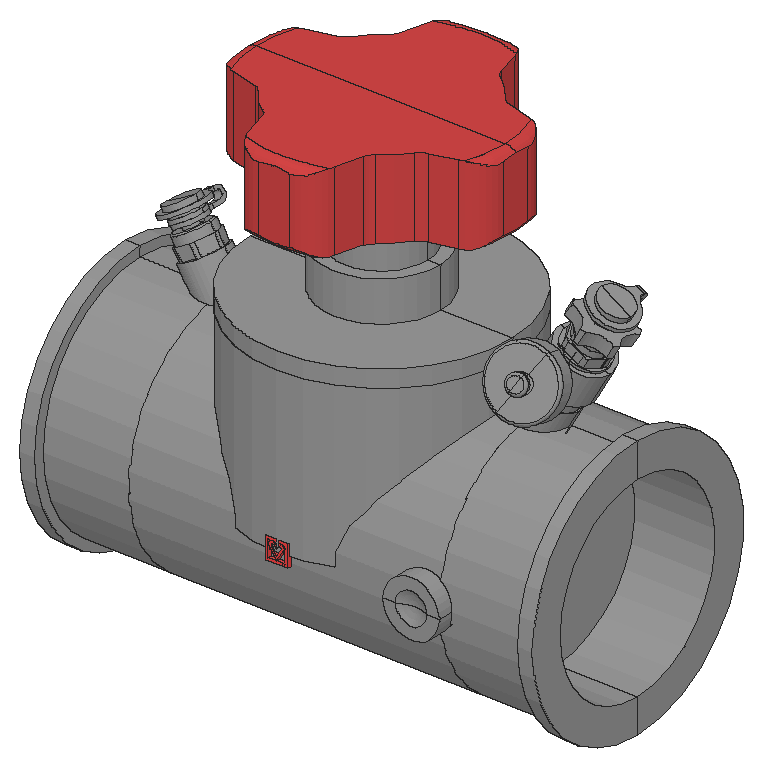
Revit family "HERZ Strömax Commissioning Valve With Test Points, Straight Body 4217 GML", category Rohrzubehör, Revit 2019
Family settings
  Bemaßung runder Anschluss = Durchmesser verwenden
  Teiletyp = Unterbricht
  OmniClass-Nummer = 23.65.55.14
  OmniClass-Titel = Valves for Liquid Services
  Arbeitsebenenbasiert = Nein
  Immer vertikal = Ja
  Beim Laden mit Abzugskörper schneiden = Nein
  Gemeinsam genutzt = Nein
Parameters
  kvs-value [instance] = if(Nennweite = 15.00 mm, 6.05, if(Nennweite = 20.00 mm, 6.11, if(Nennweite = 25.00 mm, 9.22, if(Nennweite = 32.00 mm, 18.83, if(Nennweite = 40.00 mm, 23.29, if(Nennweite = 50.00 mm, 35.26, if(Nennweite = 65.00 mm, 52.11, if(Nennweite = 80.00 mm, 76.1, 0))))))))  # 76.1
  W02 = 60.00°  # constant formula
  W01 = 30.00°  # constant formula
  URL = "www.herzvalves.com"
  SC_NennweiteBerechnet = 0
  SC_Dimension = ""
  SCRNSEQ = "ARM;ARM_TYP=\"STRV\";2"
  SCRNCODE = "05;07;02"  # constant formula
  S02 = 60.00 mm  # constant formula
  S01 [instance] = H00 + H01  # 119.31 mm
  R01 [instance] = size_lookup("4217_GML_", "R1", 1.00 mm, Nennweite)  # 53.00 mm
  Part number [instance] = size_lookup("4217_GML_", "Artnr", 0, Nennweite)  # 1421718
  Nennweite [instance] = 80.00 mm
  Model = "STRÖMAX-GML commissioning valve with test points and capillary connection 1/2′′ – 3′′:\r\nScrew down model, brass version, socket x socket, non-rising spindle, spindle seal by means of double-O-ring, presetting by limitation of valve lift by means of internal spindle;\r\ndigital display of presetting step at the hand wheel window.\r\nOne standard test point and one test point fitted with a capillary connection are located adjacent to the hand wheel."
  Medium = "Water purity in accordance with the OeNORM H5195 and VDI 2035 standards.\r\nEthylene and propylene glycol can be mixed to a ratio of 25 - 50 vol. [%]."
  Max. operating pressure = 1600000.0 Pa  # constant formula
  Max. operating temperature (up to DN32) = 130 °C  # constant formula
  Max. operating temperature (from DN40) = 110 °C  # constant formula
  ML02 [instance] = size_lookup("4217_GML_", "ML2", 1.00 mm, Nennweite)  # 70.50 mm
  ML01 [instance] = size_lookup("4217_GML_", "ML1", 1.00 mm, Nennweite)  # 37.35 mm
  MD01 = 9.50 mm  # constant formula
  L02 [instance] = size_lookup("4217_GML_", "L2", 1.00 mm, Nennweite)  # 6.00 mm
  L01 [instance] = size_lookup("4217_GML_", "L1", 1.00 mm, Nennweite)  # 41.30 mm
  L00 [instance] = size_lookup("4217_GML_", "L", 1.00 mm, Nennweite)  # 210.00 mm
  IG [instance] = Nennweite / 2  # 40.00 mm
  Hersteller = "HERZ Armaturen Ges.m.b.H."  # constant formula
  H04 [instance] = size_lookup("4217_GML_", "H4", 1.00 mm, Nennweite)  # 19.00 mm
  H03 = 10.00 mm  # constant formula
  H02 [instance] = size_lookup("4217_GML_", "H2", 1.00 mm, Nennweite)  # 7.00 mm
  H01 [instance] = size_lookup("4217_GML_", "H1", 1.00 mm, Nennweite)  # 52.60 mm
  H00 [instance] = size_lookup("4217_GML_", "H", 1.00 mm, Nennweite)  # 66.71 mm
  Weight [instance] = if(Nennweite = 15.00 mm, "0.97 kg", if(Nennweite = 20.00 mm, "1.00 kg", if(Nennweite = 25.00 mm, "1.45 kg", if(Nennweite = 32.00 mm, "1.98 kg", if(Nennweite = 40.00 mm, "2.34 kg", if(Nennweite = 50.00 mm, "3.85 kg", if(Nennweite = 65.00 mm, "5.35 kg", if(Nennweite = 80.00 mm, "7.20 kg", "0 kg"))))))))  # "7.20 kg"
  GT [instance] = size_lookup("4217_GML_", "GT", 1.00 mm, Nennweite)  # 33.30 mm
  Field of application = "For hydraulic balancing in heating and cooling systems, adjustment of distribution mains, circuits, heat exchangers, heating and cooling registers, etc."
  Installation position = "The non-rising valve spindle arranged perpendicular to the valve axis guarantees optimum accessibility and optimum valve operation in any installation position."
  Differential pressure measurement = "STRÖMAX-GML commissioning valve is equipped with two test points.\r\nThe differential pressure can be measured using a suitable measuring instrument, which permits calculation of the flow rate as a function of the respective presetting step.\r\nThe HERZ-Measuring computer (1 8900 05) permits direct flow rate reading (consult the equipment manual)."
  DN80 [instance] = Nennweite = 80.00 mm  # yes
  DN65 [instance] = Nennweite = 65.00 mm  # no
  DN50_DN80 [instance] = or(Nennweite = 50.00 mm, Nennweite = 65.00 mm, Nennweite = 80.00 mm)  # yes
  DN50-DN80 [instance] = H00 + H01  # 119.31 mm
  DN50 [instance] = Nennweite = 50.00 mm  # no
  DN40 [instance] = Nennweite = 40.00 mm  # no
  DN32 [instance] = Nennweite = 32.00 mm  # no
  DN25 [instance] = Nennweite = 25.00 mm  # no
  DN20 [instance] = Nennweite = 20.00 mm  # no
  DN15_DN40 [instance] = or(Nennweite = 15.00 mm, Nennweite = 20.00 mm, Nennweite = 25.00 mm, Nennweite = 32.00 mm, Nennweite = 40.00 mm)  # no
  DN15-DN40 [instance] = H00 + H01  # 119.31 mm
  DN15 [instance] = Nennweite = 15.00 mm  # no
  D06 [instance] = size_lookup("4217_GML_", "D6", 1.00 mm, Nennweite)  # 24.30 mm
  D05 [instance] = size_lookup("4217_GML_", "D5", 1.00 mm, Nennweite)  # 19.00 mm
  D04 = 9.00 mm  # constant formula
  D03 [instance] = size_lookup("4217_GML_", "D3", 1.00 mm, Nennweite)  # 53.80 mm
  D02 [instance] = size_lookup("4217_GML_", "D2", 1.00 mm, Nennweite)  # 54.00 mm
  D01 [instance] = size_lookup("4217_GML_", "D1", 1.00 mm, Nennweite)  # 50.00 mm
  Body = "DZR brass"  # constant formula
Reference planes
  plane 1 "Mitte (Vorne/hinten)": y = 0
  plane 2: z = 0
  plane 3 "Mitte (Links/rechts)": x = 0
Forms (mm)
  Revolve 1, solid, material "Messing, weicher Gelbton, geschweißt", detail levels fine
    sketch origin (0, 0, 0) x (1, 0, 0) y (0, 0, 1)
      loop
        line (-105, 54) -> (-105, 40) -> (-71.7, 40) -> (-71.7, 0) -> (71.7, 0) -> (71.7, 40) -> (105, 40) -> (105, 54) -> (99, 54) -> (99, 50) -> (63.7, 50)
        arc (63.7, 50) -> (0, 53) -> (-63.7, 50) r 677.782
        line (-63.7, 50) -> (-99, 50) -> (-99, 54) -> (-105, 54)
      axis (-105, 0) -> (105, 0)
    angle from 0 to 360
  Revolve 2, solid, material "Messing, weicher Gelbton, geschweißt", detail levels fine
    sketch origin (0, 0, 0) x (1, 0, 0) y (0, 0, 1)
      loop
        line (37.35, 0) -> (72.6, 61.055) -> (64.373, 65.805) -> (29.123, 4.75) -> (37.35, 0)
      axis (37.35, 0) -> (72.6, 61.055)
    angle from 0 to 360
  Revolve 3, solid, material "Messing, weicher Gelbton, geschweißt", detail levels fine
    sketch origin (0, 0, 0) x (1, 0, 0) y (0, 0, 1)
      loop
        line (0, 0) -> (0, 66.71) -> (-53.8, 66.71) -> (-53.8, 0) -> (0, 0)
      axis (0, 66.71) -> (0, 0)
    angle from 0 to 360
  Revolve 4, solid, material "Messing, weicher Gelbton, geschweißt", detail levels fine
    sketch origin (0, 0, 0) x (-1, 0, 0) y (0, 0, 1)
      loop
        line (37.35, 0) -> (72.6, 61.055) -> (64.373, 65.805) -> (29.123, 4.75) -> (37.35, 0)
      axis (37.35, 0) -> (72.6, 61.055)
    angle from 0 to 360
  Revolve 5, solid, material "Messing, weicher Gelbton, geschweißt", visible <- "DN65", detail levels fine
    sketch origin (0, 0, 0) x (1, 0, 0) y (0, 1, 0)
      loop
        line (60, 47.945) -> (60, -47.945)
        arc (60, -47.945) -> (63.368, -48.598) -> (66.5, -50) r 15
        line (66.5, -50) -> (71.5, -50) -> (71.5, 50) -> (66.5, 50)
        arc (66.5, 50) -> (63.368, 48.598) -> (60, 47.945) r 15
      axis (60, 50) -> (60, -50)
    angle from 0 to 360
  Revolve 6, solid, material "Messing, weicher Gelbton, geschweißt", detail levels fine
    sketch origin (0, 0, 0) x (1, 0, 0) y (0, 0, 1)
      loop
        line (0, 66.71) -> (0, 119.31) -> (-9, 119.31) -> (-9, 109.31) -> (-19, 109.31) -> (-19, 90.31) -> (-24.3, 90.31) -> (-24.3, 73.71) -> (-53.8, 73.71) -> (-53.8, 66.71) -> (0, 66.71)
      axis (0, 119.31) -> (0, 66.71)
    angle from 0 to 360
  Revolve 7, solid, material "Messing, weicher Gelbton, geschweißt", visible <- "DN80", detail levels fine
    sketch origin (0, 0, 0) x (1, 0, 0) y (0, 1, 0)
      loop
        line (57, 53.945) -> (57, -53.945)
        arc (57, -53.945) -> (60.368, -54.598) -> (63.5, -56) r 15
        line (63.5, -56) -> (68.5, -56) -> (68.5, 56) -> (63.5, 56)
        arc (63.5, 56) -> (60.368, 54.598) -> (57, 53.945) r 15
      axis (57, 56) -> (57, -56)
    angle from 0 to 360
Lines and regions (mm)
  model lines, detail levels coarse+medium
    curve 1: line (-105, 0, 54) -> (-105, 0, -54)
    curve 2: line (-105, 0, -54) -> (105, 0, 54)
    curve 3: line (105, 0, 54) -> (105, 0, -54)
    curve 4: line (105, 0, -54) -> (-105, 0, 54)
    curve 5: line (0, 0, 0) -> (68.884, 0, 119.31)
    curve 6: line (42.903, 0, 134.31) -> (94.864, 0, 104.31)
    curve 7: line (-105, 54, 0) -> (-105, -54, 0)
    curve 8: line (-105, -54, 0) -> (105, 54, 0)
    curve 9: line (105, 54, 0) -> (105, -54, 0)
    curve 10: line (105, -54, 0) -> (-105, 54, 0)
    curve 11: line (0, 0, 0) -> (68.884, 119.31, 0)
    curve 12: line (42.903, 134.31, 0) -> (94.864, 104.31, 0)
Dimensions and locks
  "IG": Revolve 1 sketch curve to plane 2
  "GT": Revolve 1 sketch curve to Revolve 1 sketch curve  (x2)
  "IG": Revolve 1 sketch curve to Revolve 1 sketch curve
  "D01": Revolve 1 sketch curve to Revolve 1 sketch curve  (x2)
  "R01": Revolve 1 sketch curve to Revolve 1 sketch curve
  "L02": Revolve 1 sketch curve to Revolve 1 sketch curve  (x2)
  "L01": Revolve 1 sketch curve to Revolve 1 sketch curve  (x2)
  "D02": Revolve 1 sketch curve to plane 2  (x2)
  equal spacing: Revolve 1 sketch curve, plane 3 "Mitte (Links/rechts)", Revolve 1 sketch curve
  "L00": Revolve 1 sketch curve to Revolve 1 sketch curve
  "R01": nested 1 to plane 1 "Mitte (Vorne/hinten)"
  "ML01": Revolve 2 sketch curve to plane 3 "Mitte (Links/rechts)"
  "H00": Revolve 3 sketch curve to plane 2
  "D03": Revolve 3 sketch curve to Revolve 3 sketch curve
  "ML02": Revolve 2 sketch curve to Revolve 2 sketch curve
  "MD01": Revolve 2 sketch curve to Revolve 2 sketch curve  (x2)
  "ML02": Revolve 4 sketch curve to Revolve 4 sketch curve
  "MD01": Revolve 4 sketch curve to Revolve 4 sketch curve  (x2)
  "ML01": plane 3 "Mitte (Links/rechts)" to Revolve 4 sketch curve
  Revolve 5 sketch curve to Revolve 1 = 45.00 mm
  Revolve 5 sketch curve to Revolve 5 sketch curve = 11.50 mm  (x2)
  Revolve 5 sketch curve to plane 1 "Mitte (Vorne/hinten)" to Revolve 5 sketch curve = 50.00 mm, 50.00 mm
  "H00": Revolve 6 sketch curve to plane 2
  "H01": Revolve 6 sketch curve to Revolve 6 sketch curve
  "D04": Revolve 6 sketch curve to Revolve 6 sketch curve
  "D03": Revolve 6 sketch curve to Revolve 6 sketch curve
  "D05": Revolve 6 sketch curve to Revolve 6 sketch curve
  "D06": Revolve 6 sketch curve to Revolve 6 sketch curve
  "H02": Revolve 6 sketch curve to Revolve 6 sketch curve
  "H03": Revolve 6 sketch curve to Revolve 6 sketch curve
  "H04": Revolve 6 sketch curve to Revolve 6 sketch curve
  Revolve 7 sketch curve to Revolve 1 = 48.00 mm
  Revolve 7 sketch curve to Revolve 7 sketch curve = 11.50 mm  (x2)
  Revolve 7 sketch curve to plane 1 "Mitte (Vorne/hinten)" to Revolve 7 sketch curve = 56.00 mm, 56.00 mm
  "DN15-DN40": nested 2 to plane 2
  "DN50-DN80": nested 3 to plane 2
  "D02": curve 4 to plane 2 to curve 2
  "D02": curve 3 to plane 2 to curve 4
  equal spacing: curve 1, plane 3 "Mitte (Links/rechts)", curve 3
  "L00": curve 1 to curve 3
  equal spacing: Revolve 1, curve 5, Revolve 1
  "S01": curve 5 to plane 2
  equal spacing: curve 6, curve 5, curve 6
  "S02": curve 6 to curve 6
  "D02": curve 8 to plane 1 "Mitte (Vorne/hinten)" to curve 10
  "D02": curve 10 to plane 1 "Mitte (Vorne/hinten)" to curve 9
  equal spacing: curve 7, plane 3 "Mitte (Links/rechts)", curve 9
  "L00": curve 7 to curve 9
  equal spacing: curve 7, curve 11, curve 9
  "S01": plane 1 "Mitte (Vorne/hinten)" to curve 11
  equal spacing: curve 12, curve 11, curve 12
  "S02": curve 12 to curve 12
  radius of Revolve 5 sketch curve = 15.00 mm  (x2)
  radius of Revolve 7 sketch curve = 15.00 mm  (x2)
  "W01": angle Revolve 2 sketch curve to plane 3 "Mitte (Links/rechts)"  (x2)
  "W01": angle plane 3 "Mitte (Links/rechts)" to Revolve 4 sketch curve  (x2)
  "W02": angle plane 2 to curve 5
  "W02": angle plane 1 "Mitte (Vorne/hinten)" to curve 11
  aligned and locked: level to plane 2
Automatic sketch dimensions
  Revolve 5 sketch curve to Revolve 5 sketch curve = 1.153 mm  (x2)
  Revolve 5 sketch curve to Revolve 5 sketch curve = 5.00 mm  (x2)
  Revolve 5 sketch curve to Revolve 5 sketch curve = 2.854 mm  (x2)
  Revolve 7 sketch curve to Revolve 7 sketch curve = 1.153 mm  (x2)
  Revolve 7 sketch curve to Revolve 7 sketch curve = 5.00 mm  (x2)
  Revolve 7 sketch curve to Revolve 7 sketch curve = 8.854 mm  (x2)
  Revolve 1 sketch curve to level = 0.00 mm  (x2)
  Revolve 1 sketch curve to Revolve 1 sketch curve = 1429.986 mm
  Revolve 1 sketch curve to Revolve 1 sketch curve = 1762.604 mm
  Revolve 2 sketch curve to level = 0.00 mm  (x2)
  Revolve 3 sketch curve to level = 0.00 mm
  Revolve 3 sketch curve to plane 3 "Mitte (Links/rechts)" = 0.00 mm  (x2)
  Revolve 3 sketch curve to Revolve 3 sketch curve = 366.045 mm
  Revolve 3 sketch curve to Revolve 3 sketch curve = 2179.415 mm
  Revolve 4 sketch curve to level = 0.00 mm  (x2)
  Revolve 6 sketch curve to plane 3 "Mitte (Links/rechts)" = 0.00 mm  (x2)
  Revolve 6 sketch curve to level = 366.045 mm
  Revolve 6 sketch curve to Revolve 6 sketch curve = 2146.115 mm
Nested families
  nested 1: "Herz-Logo-vorne" at (0, -53, 0) x (0, 1, 0) z (0, 0, 1), type "Herz-Logo-vorne", detail levels fine
  nested 2: "Strangregulierventil-Handrad-Gerade (Rot) DN15-DN40" at (0, 0, 119.31), visible <- "DN15_DN40", type "Strangregulierventil-Handrad-Gerade (Rot) DN15-DN40", detail levels fine
    with Nennweite 0.00 mm, Gewicht 0.00 kg, Bestellnummer 0
  nested 3: "Strangregulierventil-Handrad-Gerade (Rot) DN50-DN80" at (0, 0, 119.31), visible <- "DN50_DN80", type "Strangregulierventil-Handrad-Gerade (Rot) DN50-DN80", detail levels fine
    with Nennweite 0.00 mm, Gewicht 0.00 kg, Bestellnummer 0
  nested 4: "Messstutzen_Band-KFE_Austritt_30Grad_(oben)" at (61.39, 0, 59.409), visible <- "DN50", type "Messstutzen_Band-KFE_Austritt_30Grad_(oben)", detail levels fine
    with Schutzkappe yes, Nennweite 0.00 mm, Gewicht 0.00 kg, Bestellnummer 0
  nested 5: "Messstutzen_Band_Eintritt_30Grad_(oben)" at (-47.24, 0, 34.901) x (-1, 0, 0) z (0, 0, 1), visible <- "DN50", type "Messstutzen_Band_Eintritt_30Grad_(oben)", detail levels fine
    with Schutzkappe yes, Nennweite 0.00 mm, Gewicht 0.00 kg, Bestellnummer 0
  nested 6: "Messstutzen_Band-KFE_Austritt_30Grad_(oben)" at (41.17, 0, 35.507), visible <- "DN15", type "Messstutzen_Band-KFE_Austritt_30Grad_(oben)", detail levels fine
    with Schutzkappe yes, Nennweite 0.00 mm, Gewicht 0.00 kg, Bestellnummer 0
  nested 7: "Messstutzen_Band_Eintritt_30Grad_(oben)" at (-27.02, 0, 10.999) x (-1, 0, 0) z (0, 0, 1), visible <- "DN15", type "Messstutzen_Band_Eintritt_30Grad_(oben)", detail levels fine
    with Schutzkappe yes, Nennweite 0.00 mm, Gewicht 0.00 kg, Bestellnummer 0
  nested 8: "Messstutzen_Band_Eintritt_30Grad_(oben)" at (-24.855, 0, 13.553) x (-1, 0, 0) z (0, 0, 1), visible <- "DN20", type "Messstutzen_Band_Eintritt_30Grad_(oben)", detail levels fine
    with Schutzkappe yes, Nennweite 0.00 mm, Gewicht 0.00 kg, Bestellnummer 0
  nested 9: "Messstutzen_Band-KFE_Austritt_30Grad_(oben)" at (39.005, 0, 38.062), visible <- "DN20", type "Messstutzen_Band-KFE_Austritt_30Grad_(oben)", detail levels fine
    with Schutzkappe yes, Nennweite 0.00 mm, Gewicht 0.00 kg, Bestellnummer 0
  nested 10: "Messstutzen_Band_Eintritt_30Grad_(oben)" at (-29.265, 0, 17.883) x (-1, 0, 0) z (0, 0, 1), visible <- "DN25", type "Messstutzen_Band_Eintritt_30Grad_(oben)", detail levels fine
    with Schutzkappe yes, Nennweite 0.00 mm, Gewicht 0.00 kg, Bestellnummer 0
  nested 11: "Messstutzen_Band-KFE_Austritt_30Grad_(oben)" at (43.415, 0, 42.392), visible <- "DN25", type "Messstutzen_Band-KFE_Austritt_30Grad_(oben)", detail levels fine
    with Schutzkappe yes, Nennweite 0.00 mm, Gewicht 0.00 kg, Bestellnummer 0
  nested 12: "Messstutzen_Band_Eintritt_30Grad_(oben)" at (-37.74, 0, 24.595) x (-1, 0, 0) z (0, 0, 1), visible <- "DN32", type "Messstutzen_Band_Eintritt_30Grad_(oben)", detail levels fine
    with Schutzkappe yes, Nennweite 0.00 mm, Gewicht 0.00 kg, Bestellnummer 0
  nested 13: "Messstutzen_Band-KFE_Austritt_30Grad_(oben)" at (51.89, 0, 49.104), visible <- "DN32", type "Messstutzen_Band-KFE_Austritt_30Grad_(oben)", detail levels fine
    with Schutzkappe yes, Nennweite 0.00 mm, Gewicht 0.00 kg, Bestellnummer 0
  nested 14: "Messstutzen_Band_Eintritt_30Grad_(oben)" at (-42.8, 0, 28.665) x (-1, 0, 0) z (0, 0, 1), visible <- "DN40", type "Messstutzen_Band_Eintritt_30Grad_(oben)", detail levels fine
    with Schutzkappe yes, Nennweite 0.00 mm, Gewicht 0.00 kg, Bestellnummer 0
  nested 15: "Messstutzen_Band-KFE_Austritt_30Grad_(oben)" at (56.95, 0, 53.174), visible <- "DN40", type "Messstutzen_Band-KFE_Austritt_30Grad_(oben)", detail levels fine
    with Schutzkappe yes, Nennweite 0.00 mm, Gewicht 0.00 kg, Bestellnummer 0
  nested 16: "Messstutzen_Band_Eintritt_30Grad_(oben)" at (-54.5, 0, 38.105) x (-1, 0, 0) z (0, 0, 1), visible <- "DN65", type "Messstutzen_Band_Eintritt_30Grad_(oben)", detail levels fine
    with Schutzkappe yes, Nennweite 0.00 mm, Gewicht 0.00 kg, Bestellnummer 0
  nested 17: "Messstutzen_Band-KFE_Austritt_30Grad_(oben)" at (68.65, 0, 62.614), visible <- "DN65", type "Messstutzen_Band-KFE_Austritt_30Grad_(oben)", detail levels fine
    with Schutzkappe yes, Nennweite 0.00 mm, Gewicht 0.00 kg, Bestellnummer 0
  nested 18: "Messstutzen_Band_Eintritt_30Grad_(oben)" at (-63.85, 0, 45.899) x (-1, 0, 0) z (0, 0, 1), visible <- "DN80", type "Messstutzen_Band_Eintritt_30Grad_(oben)", detail levels fine
    with Schutzkappe yes, Nennweite 0.00 mm, Gewicht 0.00 kg, Bestellnummer 0
  nested 19: "Messstutzen_Band-KFE_Austritt_30Grad_(oben)" at (78, 0, 70.408), visible <- "DN80", type "Messstutzen_Band-KFE_Austritt_30Grad_(oben)", detail levels fine
    with Schutzkappe yes, Nennweite 0.00 mm, Gewicht 0.00 kg, Bestellnummer 0
Connectors
  piping at (-71.7, 0, 0), diameter 80, driven by "Nennweite"
    settings: on Revolve 1, index 1, connector inside diameter 609.6 mm, connector length 0.00 mm, flow factor 0, pipe flow 0.0 L/s, pressure drop 0.0 Pa, fitting loss kfactor 0, connector angle 0.00°, fixture units 0, engagement length 0.00 mm, angle of deflection 0.00°, flow configuration 0, flow direction 1, fitting loss method 0, system type 29, joint type 0, gender type 0, connector reference index -1, connector utility 0, adjustable connector no, is connector primary yes, connector description ""
  piping at (71.7, 0, 0), diameter 80, driven by "Nennweite"
    settings: on Revolve 1, index 2, connector inside diameter 609.6 mm, connector length 0.00 mm, flow factor 0, pipe flow 0.0 L/s, pressure drop 0.0 Pa, fitting loss kfactor 0, connector angle 0.00°, fixture units 0, engagement length 0.00 mm, angle of deflection 0.00°, flow configuration 0, flow direction 2, fitting loss method 0, system type 29, joint type 0, gender type 0, connector reference index -1, connector utility 0, adjustable connector no, is connector primary no, connector description ""
Definition of nested family "Herz-Logo-vorne"
  Reference planes
    plane 1 "Mitte (Vorne/hinten)": y = 0
    plane 2: z = 0
    plane 3 "Mitte (Links/rechts)": x = 0
  Forms (mm)
    Extrusion 1, solid
      sketch origin (0.732, -0.018, 0.017) x (0, -1, 0) y (0, 0, 1)
        loop
          line (-0.018, -4.517) -> (4.482, -4.517) -> (4.482, 4.483) -> (-4.518, 4.483) -> (-4.518, -4.517) -> (-0.018, -4.517)
        loop
          line (-0.05, -3.48) -> (3.482, -3.48) -> (3.482, 3.483) -> (-3.518, 3.483) -> (-3.518, -3.48) -> (-0.05, -3.48)
        loop
          arc (-0.018, 2.383) -> (-1.543, 3.287) -> (-3.067, 2.383) r 1.738
          arc (-3.067, 2.383) -> (-3.191, 1.899) -> (-3.067, 1.415) r 1.009
          line (-3.067, 1.415) -> (-0.018, -3.281) -> (3.032, 1.415)
          arc (3.032, 1.415) -> (3.156, 1.899) -> (3.032, 2.383) r 1.009
          arc (3.032, 2.383) -> (1.507, 3.287) -> (-0.018, 2.383) r 1.738
        loop
          arc (1.885, 1.272) -> (2.005, 1.675) -> (1.885, 2.079) r 0.74
          arc (1.885, 2.079) -> (1.265, 2.416) -> (0.644, 2.079) r 0.74
          line (0.644, 2.079) -> (-0.018, 0.97) -> (-0.679, 2.079)
          arc (-0.679, 2.079) -> (-1.3, 2.416) -> (-1.921, 2.079) r 0.74
          arc (-1.921, 2.079) -> (-2.04, 1.675) -> (-1.921, 1.272) r 0.74
          line (-1.921, 1.272) -> (-0.018, -1.658) -> (1.885, 1.272)
      from 0 to 1.5
  Dimensions and locks
    aligned and locked: level to plane 2
Definition of nested family "Strangregulierventil-Handrad-Gerade (Rot) DN15-DN40"
  Parameters (values of type "Strangregulierventil-Handrad-Gerade (Rot) DN15-DN40")
    URL = "www.herz-armaturen.at"
    Nennweite [instance] = 0.00 mm
    Manufacturer = "Herz Armaturen GmbH"  # constant formula
    Gewicht [instance] = 0.00 kg
    Bestellnummer [instance] = 0
  Reference planes
    plane 1 "Mitte (Vorne/hinten)": y = 0
    plane 2: z = 0
    plane 3 "Mitte (Links/rechts)": x = 0
  Forms (mm)
    Revolve 1, solid, detail levels fine
      sketch origin (0, 0, 0) x (1, 0, 0) y (0, 0, 1)
        loop
          line (0, 0) -> (0, 24.95) -> (-30.992, 24.95)
          arc (-30.992, 24.95) -> (-34.37, 23.636) -> (-35.973, 20.386) r 5
          line (-35.973, 20.386) -> (-37, 8.65) -> (-35.986, -2.936)
          arc (-35.986, -2.936) -> (-34.383, -6.186) -> (-31.005, -7.5) r 5
          line (-31.005, -7.5) -> (-15, -7.5) -> (-15, 0) -> (0, 0)
        axis (0, 24.95) -> (0, -7.5)
      angle from 0 to 360
    Extrusion 2, void
      sketch origin (0, 0, 20.3) x (1, 0, 0) y (0, 1, 0)
        loop
          line (3.861, 35.5) -> (-3.861, 35.5)
          arc (-3.861, 35.5) -> (-8.731, 33.847) -> (-11.589, 29.571) r 8
          line (-11.589, 29.571) -> (-13.284, 23.245)
          arc (-13.284, 23.245) -> (-13.982, 21.722) -> (-15.144, 20.516) r 5
          arc (-15.144, 20.516) -> (-18.031, 18.031) -> (-20.516, 15.144) r 25.5
          arc (-20.516, 15.144) -> (-21.722, 13.982) -> (-23.245, 13.284) r 5
          line (-23.245, 13.284) -> (-29.571, 11.589)
          arc (-29.571, 11.589) -> (-33.847, 8.731) -> (-35.5, 3.861) r 8
          line (-35.5, 3.861) -> (-35.5, -3.861)
          arc (-35.5, -3.861) -> (-33.847, -8.731) -> (-29.571, -11.589) r 8
          line (-29.571, -11.589) -> (-23.245, -13.284)
          arc (-23.245, -13.284) -> (-21.722, -13.982) -> (-20.516, -15.144) r 5
          arc (-20.516, -15.144) -> (-18.031, -18.031) -> (-15.144, -20.516) r 25.5
          arc (-15.144, -20.516) -> (-13.982, -21.722) -> (-13.284, -23.245) r 5
          line (-13.284, -23.245) -> (-11.589, -29.571)
          arc (-11.589, -29.571) -> (-8.731, -33.847) -> (-3.861, -35.5) r 8
          line (-3.861, -35.5) -> (3.861, -35.5)
          arc (3.861, -35.5) -> (8.731, -33.847) -> (11.589, -29.571) r 8
          line (11.589, -29.571) -> (13.284, -23.245)
          arc (13.284, -23.245) -> (13.982, -21.722) -> (15.144, -20.516) r 5
          arc (15.144, -20.516) -> (18.031, -18.031) -> (20.516, -15.144) r 25.5
          arc (20.516, -15.144) -> (21.722, -13.982) -> (23.245, -13.284) r 5
          line (23.245, -13.284) -> (29.571, -11.589)
          arc (29.571, -11.589) -> (33.847, -8.731) -> (35.5, -3.861) r 8
          line (35.5, -3.861) -> (35.5, 3.861)
          arc (35.5, 3.861) -> (33.847, 8.731) -> (29.571, 11.589) r 8
          line (29.571, 11.589) -> (23.245, 13.284)
          arc (23.245, 13.284) -> (21.722, 13.982) -> (20.516, 15.144) r 5
          arc (20.516, 15.144) -> (18.031, 18.031) -> (15.144, 20.516) r 25.5
          arc (15.144, 20.516) -> (13.982, 21.722) -> (13.284, 23.245) r 5
          line (13.284, 23.245) -> (11.589, 29.571)
          arc (11.589, 29.571) -> (8.731, 33.847) -> (3.861, 35.5) r 8
        loop
          circle (0, 0) r 38
      from -31.266 to 7.923
  Cuts and joins
    Extrusion 2 cuts Revolve 1
  Dimensions and locks
    Revolve 1 sketch curve to Revolve 1 sketch curve = 15.00 mm
    Revolve 1 sketch curve to Revolve 1 sketch curve = 16.15 mm
    Revolve 1 sketch curve to Revolve 1 sketch curve = 16.30 mm
    angle Revolve 1 sketch curve to Revolve 1 sketch curve = 95.00°
    aligned and locked: level to plane 2
Definition of nested family "Strangregulierventil-Handrad-Gerade (Rot) DN50-DN80"
  Parameters (values of type "Strangregulierventil-Handrad-Gerade (Rot) DN50-DN80")
    URL = "www.herz-armaturen.at"
    Nennweite [instance] = 0.00 mm
    Manufacturer = "Herz Armaturen GmbH"  # constant formula
    Gewicht [instance] = 0.00 kg
    Bestellnummer [instance] = 0
  Reference planes
    plane 1 "Mitte (Vorne/hinten)": y = 0
    plane 2: z = 0
    plane 3 "Mitte (Links/rechts)": x = 0
  Forms (mm)
    Revolve 1, solid, detail levels fine
      sketch origin (0, 0, 0) x (1, 0, 0) y (0, 0, 1)
        loop
          line (0, 0) -> (0, 24.95) -> (-50.992, 24.95)
          arc (-50.992, 24.95) -> (-54.37, 23.636) -> (-55.973, 20.386) r 5
          line (-55.973, 20.386) -> (-57, 8.65) -> (-55.986, -2.936)
          arc (-55.986, -2.936) -> (-54.383, -6.186) -> (-51.005, -7.5) r 5
          line (-51.005, -7.5) -> (-15, -7.5) -> (-15, 0) -> (0, 0)
        axis (0, 24.95) -> (0, -7.5)
      angle from 0 to 360
    Extrusion 2, void
      sketch origin (0, 0, 20.3) x (1, 0, 0) y (0, 1, 0)
        loop
          line (-55, 6.292) -> (-55, -6.292)
          arc (-55, -6.292) -> (-52.52, -13.597) -> (-46.106, -17.883) r 12
          line (-46.106, -17.883) -> (-35.399, -20.752)
          arc (-35.399, -20.752) -> (-33.541, -21.612) -> (-32.08, -23.047) r 6
          arc (-32.08, -23.047) -> (-27.931, -27.931) -> (-23.047, -32.08) r 39.5
          arc (-23.047, -32.08) -> (-21.612, -33.541) -> (-20.752, -35.399) r 6
          line (-20.752, -35.399) -> (-17.883, -46.106)
          arc (-17.883, -46.106) -> (-13.597, -52.52) -> (-6.292, -55) r 12
          line (-6.292, -55) -> (6.292, -55)
          arc (6.292, -55) -> (13.597, -52.52) -> (17.883, -46.106) r 12
          line (17.883, -46.106) -> (20.752, -35.399)
          arc (20.752, -35.399) -> (21.612, -33.541) -> (23.047, -32.08) r 6
          arc (23.047, -32.08) -> (27.931, -27.931) -> (32.08, -23.047) r 39.5
          arc (32.08, -23.047) -> (33.541, -21.612) -> (35.399, -20.752) r 6
          line (35.399, -20.752) -> (46.106, -17.883)
          arc (46.106, -17.883) -> (52.52, -13.597) -> (55, -6.292) r 12
          line (55, -6.292) -> (55, 6.292)
          arc (55, 6.292) -> (52.52, 13.597) -> (46.106, 17.883) r 12
          line (46.106, 17.883) -> (35.399, 20.752)
          arc (35.399, 20.752) -> (33.541, 21.612) -> (32.08, 23.047) r 6
          arc (32.08, 23.047) -> (27.931, 27.931) -> (23.047, 32.08) r 39.5
          arc (23.047, 32.08) -> (21.612, 33.541) -> (20.752, 35.399) r 6
          line (20.752, 35.399) -> (17.883, 46.106)
          arc (17.883, 46.106) -> (13.597, 52.52) -> (6.292, 55) r 12
          line (6.292, 55) -> (-6.292, 55)
          arc (-6.292, 55) -> (-13.597, 52.52) -> (-17.883, 46.106) r 12
          line (-17.883, 46.106) -> (-20.752, 35.399)
          arc (-20.752, 35.399) -> (-21.612, 33.541) -> (-23.047, 32.08) r 6
          arc (-23.047, 32.08) -> (-27.931, 27.931) -> (-32.08, 23.047) r 39.5
          arc (-32.08, 23.047) -> (-33.541, 21.612) -> (-35.399, 20.752) r 6
          line (-35.399, 20.752) -> (-46.106, 17.883)
          arc (-46.106, 17.883) -> (-52.52, 13.597) -> (-55, 6.292) r 12
        loop
          circle (0, 0) r 60
      from -31.161 to 7.489
  Cuts and joins
    Extrusion 2 cuts Revolve 1
  Dimensions and locks
    Revolve 1 sketch curve to Revolve 1 sketch curve = 15.00 mm
    Revolve 1 sketch curve to Revolve 1 sketch curve = 16.15 mm
    Revolve 1 sketch curve to Revolve 1 sketch curve = 16.30 mm
    Revolve 1 sketch curve to Revolve 1 sketch curve = 57.00 mm
    angle Revolve 1 sketch curve to Revolve 1 sketch curve = 95.00°
    aligned and locked: level to plane 2
Definition of nested family "Messstutzen_Band-KFE_Austritt_30Grad_(oben)"
  Parameters (values of type "Messstutzen_Band-KFE_Austritt_30Grad_(oben)")
    URL = "www.herz-armaturen.at"
    Schutzkappe [instance] = yes
    Nennweite [instance] = 0.00 mm
    Manufacturer = "Herz Armaturen GmbH"  # constant formula
    Gewicht [instance] = 0.00 kg
    Bestellnummer [instance] = 0
  Reference planes
    plane 1 "Mitte (Vorne/hinten)": y = 0
    plane 2: z = 0
    plane 3 "Mitte (Links/rechts)": x = 0
  Forms (mm)
    Revolve 1, solid, detail levels fine
      sketch origin (0, 0, 0) x (0.866025, 0, -0.5) y (0.5, 0, 0.866025)
        loop
          line (-7.4, 9) -> (-5.55, 9) -> (-5.55, 6)
          arc (-5.55, 6) -> (-5.626, 5.617) -> (-5.843, 5.293) r 1
          line (-5.843, 5.293) -> (-6.455, 4.681) -> (-6.455, 0.9) -> (-5.555, 0) -> (-2, 0) -> (-2, 23) -> (-2, 35.8) -> (-3.805, 35.8) -> (-4.415, 35.19) -> (-4.415, 30.863) -> (-3.7, 30.45) -> (-3.7, 27) -> (-7.4, 27) -> (-7.4, 9)
        axis (0, 0) -> (0, 35.8)
      angle from 0 to 360
    Extrusion 2, solid, detail levels fine
      sketch origin (8.75, 0, 15.155) x (0, 1, 0) y (-0.866025, 0, 0.5)
        loop
          arc (-7.07, 5.156) -> (-7.578, 4.375) -> (-8, 3.544) r 8.75
          line (-8, 3.544) -> (-8, -3.544)
          arc (-8, -3.544) -> (-7.578, -4.375) -> (-7.07, -5.156) r 8.75
          line (-7.07, -5.156) -> (-0.93, -8.7)
          arc (-0.93, -8.7) -> (0, -8.75) -> (0.93, -8.7) r 8.75
          line (0.93, -8.7) -> (7.07, -5.156)
          arc (7.07, -5.156) -> (7.578, -4.375) -> (8, -3.544) r 8.75
          line (8, -3.544) -> (8, 3.544)
          arc (8, 3.544) -> (7.578, 4.375) -> (7.07, 5.156) r 8.75
          line (7.07, 5.156) -> (0.93, 8.7)
          arc (0.93, 8.7) -> (0, 8.75) -> (-0.93, 8.7) r 8.75
          line (-0.93, 8.7) -> (-7.07, 5.156)
      from -5.51 to -1.21
    Revolve 3, solid, visible <- "Schutzkappe", detail levels fine
      sketch origin (0, 0, 0) x (0.866025, 0, -0.5) y (0.5, 0, 0.866025)
        loop
          line (0, 35.878) -> (0, 36.678) -> (-7, 36.678) -> (-7, 33.378) -> (-6.1, 33.378) -> (-6.1, 31.678) -> (-6.9, 31.678) -> (-6.9, 30.178) -> (-4.415, 30.178) -> (-4.415, 35.268) -> (-3.805, 35.878) -> (0, 35.878)
        axis (0, 30.178) -> (0, 36.678)
      angle from 0 to 360
    Extrusion 4, solid, detail levels fine
      sketch origin (15, 0, 25.981) x (0, 1, 0) y (0.866025, 0, -0.5)
        loop
          circle (0, 0) r 3.7
        loop
          arc (5.505, -3.906) -> (7.288, -2.358) -> (9.582, -1.8) r 5
          line (9.582, -1.8) -> (9.582, 1.8)
          arc (9.582, 1.8) -> (7.288, 2.358) -> (5.505, 3.906) r 5
          arc (5.505, 3.906) -> (-6.75, 0) -> (5.505, -3.906) r 6.75
      from 0 to -1.5
    Extrusion 5, solid, detail levels fine
      sketch origin (16.589, 0, 28.733) x (0, 1, 0) y (0.866025, 0, -0.5)
        loop
          circle (0, 0) r 6.1
        loop
          arc (8.652, -4.495) -> (10.493, -2.527) -> (13.089, -1.8) r 5
          line (13.089, -1.8) -> (13.089, 1.8)
          arc (13.089, 1.8) -> (10.493, 2.527) -> (8.652, 4.495) r 5
          arc (8.652, 4.495) -> (-9.75, 0) -> (8.652, -4.495) r 9.75
      from 0 to -1.5
    Sweep 6, solid, detail levels fine
      path origin (0, 0, 0) x (-0.5, 0, -0.866025) y (0, 1, 0)
        loop
          line (-29.25, 9.582) -> (-29.25, 14.522)
          arc (-29.25, 14.522) -> (-30.839, 16.112) -> (-32.428, 14.522) r 1.589
          line (-32.428, 14.522) -> (-32.428, 13.089)
      profile origin (14.625, 12.052, 25.331) x (0.5, 0, 0.866025) y (0.866025, 0, -0.5)
        loop
          line (-0.75, -1.8) -> (0.75, -1.8) -> (0.75, 1.8) -> (-0.75, 1.8) -> (-0.75, -1.8)
    Extrusion 7, solid, detail levels fine
      sketch origin (-87.639, 0, 50.598) x (0.866025, 0, -0.5) y (0, 1, 0)
        loop
          arc (112.053, 5.113) -> (111.589, 6) -> (111.053, 6.845) r 12
          arc (111.053, 6.845) -> (105.696, 7.794) -> (102.196, 11.958) r 7.971
          arc (102.196, 11.958) -> (101.196, 12) -> (100.196, 11.958) r 12
          arc (100.196, 11.958) -> (96.696, 7.794) -> (91.34, 6.845) r 7.971
          arc (91.34, 6.845) -> (90.804, 6) -> (90.34, 5.113) r 12
          arc (90.34, 5.113) -> (92.196, 0) -> (90.34, -5.113) r 7.971
          arc (90.34, -5.113) -> (90.804, -6) -> (91.34, -6.845) r 12
          arc (91.34, -6.845) -> (96.696, -7.794) -> (100.196, -11.958) r 7.971
          arc (100.196, -11.958) -> (101.196, -12) -> (102.196, -11.958) r 12
          arc (102.196, -11.958) -> (105.696, -7.794) -> (111.053, -6.845) r 7.971
          arc (111.053, -6.845) -> (111.589, -6) -> (112.053, -5.113) r 12
          arc (112.053, -5.113) -> (110.196, 0) -> (112.053, 5.113) r 7.971
      from 22.3 to 28.5
    Revolve 8, solid, detail levels fine
      sketch origin (-47.563, 0, 4.367) x (-0.866025, 0, 0.5) y (0.5, 0, 0.866025)
        loop
          line (-43.374, 0) -> (-37.874, 0) -> (-36.774, 1.1) -> (-36.774, 4.9) -> (-37.874, 6) -> (-37.874, 8.4) -> (-36.424, 8.4) -> (-36.424, 9.2) -> (-34.424, 9.2) -> (-34.424, 15.59) -> (-31.874, 15.59) -> (-31.874, 30.99) -> (-33.874, 30.99) -> (-33.874, 31.99) -> (-43.374, 31.99) -> (-43.374, 0)
        loop
          line (-43.374, 39) -> (-43.374, 36.29) -> (-35.874, 36.29) -> (-35.874, 39) -> (-43.374, 39)
        axis (-43.374, 39) -> (-43.374, 0)
      angle from 0 to 360
    Revolve 9, solid, detail levels fine
      sketch origin (0, 0, 0) x (0, -1, 0) y (0.5, 0, 0.866025)
        loop
          line (0, -1.01) -> (32.627, 14.204) -> (27.556, 25.08) -> (25.934, 25.67) -> (21.602, 23.65) -> (14.873, 11.994) -> (-2.324, 3.975) -> (0, -1.01)
        axis (32.627, 14.204) -> (0, -1.01)
      angle from 0 to 360
    Revolve 10, solid, detail levels fine
      sketch origin (-19.899, -51.188, -34.465) x (-0.453154, -0.422618, -0.784886) y (0.211309, -0.906308, 0.365998)
        loop
          line (-56.786, 8) -> (-45.747, 8) -> (-45.747, 0) -> (-43.834, 0) -> (-42.786, 1.048) -> (-42.786, 8.048)
          arc (-42.786, 8.048) -> (-43.065, 8.721) -> (-43.738, 9) r 0.952
          line (-43.738, 9) -> (-52.974, 9)
          arc (-52.974, 9) -> (-53.548, 9.238) -> (-53.786, 9.812) r 0.812
          line (-53.786, 9.812) -> (-53.786, 12) -> (-52.786, 12) -> (-52.786, 13.03)
          arc (-52.786, 13.03) -> (-53.07, 13.716) -> (-53.756, 14) r 0.97
          line (-53.756, 14) -> (-56.786, 14) -> (-56.786, 8)
        axis (-56.786, 14) -> (-56.786, 0)
      angle from 0 to 360
  Dimensions and locks
    aligned and locked: level to plane 2
Definition of nested family "Messstutzen_Band_Eintritt_30Grad_(oben)"
  Parameters (values of type "Messstutzen_Band_Eintritt_30Grad_(oben)")
    URL = "www.herz-armaturen.at"
    Schutzkappe [instance] = yes
    Nennweite [instance] = 0.00 mm
    Manufacturer = "Herz Armaturen GmbH"  # constant formula
    Gewicht [instance] = 0.00 kg
    Bestellnummer [instance] = 0
  Reference planes
    plane 1 "Mitte (Vorne/hinten)": y = 0
    plane 2: z = 0
    plane 3 "Mitte (Links/rechts)": x = 0
  Forms (mm)
    Revolve 1, solid, detail levels fine
      sketch origin (0, 0, 0) x (0.866025, 0, -0.5) y (0.5, 0, 0.866025)
        loop
          line (-7.4, 9) -> (-5.55, 9) -> (-5.55, 6)
          arc (-5.55, 6) -> (-5.626, 5.617) -> (-5.843, 5.293) r 1
          line (-5.843, 5.293) -> (-6.455, 4.681) -> (-6.455, 0.9) -> (-5.555, 0) -> (-2, 0) -> (-2, 17.5) -> (-8.4, 17.5)
          arc (-8.4, 17.5) -> (-7.693, 17.207) -> (-7.4, 16.5) r 1
          line (-7.4, 16.5) -> (-7.4, 9)
        loop
          line (-3.7, 27) -> (-7.3, 27) -> (-7.9, 26.4) -> (-7.9, 23) -> (-2, 23) -> (-2, 35.8) -> (-3.805, 35.8) -> (-4.415, 35.19) -> (-4.415, 30.863) -> (-3.7, 30.45) -> (-3.7, 27)
        axis (0, 0) -> (0, 35.8)
      angle from 0 to 360
    Extrusion 2, solid, detail levels fine
      sketch origin (8.75, 0, 15.155) x (0, 1, 0) y (-0.866025, 0, 0.5)
        loop
          arc (-7.07, 5.156) -> (-7.578, 4.375) -> (-8, 3.544) r 8.75
          line (-8, 3.544) -> (-8, -3.544)
          arc (-8, -3.544) -> (-7.578, -4.375) -> (-7.07, -5.156) r 8.75
          line (-7.07, -5.156) -> (-0.93, -8.7)
          arc (-0.93, -8.7) -> (0, -8.75) -> (0.93, -8.7) r 8.75
          line (0.93, -8.7) -> (7.07, -5.156)
          arc (7.07, -5.156) -> (7.578, -4.375) -> (8, -3.544) r 8.75
          line (8, -3.544) -> (8, 3.544)
          arc (8, 3.544) -> (7.578, 4.375) -> (7.07, 5.156) r 8.75
          line (7.07, 5.156) -> (0.93, 8.7)
          arc (0.93, 8.7) -> (0, 8.75) -> (-0.93, 8.7) r 8.75
          line (-0.93, 8.7) -> (-7.07, 5.156)
      from 0 to 5.5
    Revolve 3, solid, visible <- "Schutzkappe", detail levels fine
      sketch origin (0, 0, 0) x (0.866025, 0, -0.5) y (0.5, 0, 0.866025)
        loop
          line (0, 35.878) -> (0, 36.678) -> (-7, 36.678) -> (-7, 33.378) -> (-6.1, 33.378) -> (-6.1, 31.678) -> (-6.9, 31.678) -> (-6.9, 30.178) -> (-4.415, 30.178) -> (-4.415, 35.268) -> (-3.805, 35.878) -> (0, 35.878)
        axis (0, 30.178) -> (0, 36.678)
      angle from 0 to 360
    Extrusion 4, solid, detail levels fine
      sketch origin (14.25, 0, 24.682) x (0, 1, 0) y (0.866025, 0, -0.5)
        loop
          circle (0, 0) r 3.7
        loop
          arc (5.505, -3.906) -> (7.288, -2.358) -> (9.582, -1.8) r 5
          line (9.582, -1.8) -> (9.582, 1.8)
          arc (9.582, 1.8) -> (7.288, 2.358) -> (5.505, 3.906) r 5
          arc (5.505, 3.906) -> (-6.75, 0) -> (5.505, -3.906) r 6.75
      from 0 to -1.5
    Extrusion 5, solid, detail levels fine
      sketch origin (16.589, 0, 28.733) x (0, 1, 0) y (0.866025, 0, -0.5)
        loop
          circle (0, 0) r 6.1
        loop
          arc (8.652, -4.495) -> (10.493, -2.527) -> (13.089, -1.8) r 5
          line (13.089, -1.8) -> (13.089, 1.8)
          arc (13.089, 1.8) -> (10.493, 2.527) -> (8.652, 4.495) r 5
          arc (8.652, 4.495) -> (-9.75, 0) -> (8.652, -4.495) r 9.75
      from 0 to -1.5
    Sweep 6, solid, detail levels fine
      path origin (0.933, -0.183, 1.116) x (-0.5, 0, -0.866025) y (0, 1, 0)
        loop
          line (-27.75, 9.582) -> (-27.75, 14.522)
          arc (-27.75, 14.522) -> (-30.089, 16.862) -> (-32.428, 14.522) r 2.339
          line (-32.428, 14.522) -> (-32.428, 13.089)
      profile origin (14.808, 11.869, 25.148) x (0.5, 0, 0.866025) y (0.866025, 0, -0.5)
        loop
          line (-0.75, -1.8) -> (0.75, -1.8) -> (0.75, 1.8) -> (-0.75, 1.8) -> (-0.75, -1.8)
  Dimensions and locks
    aligned and locked: level to plane 2
